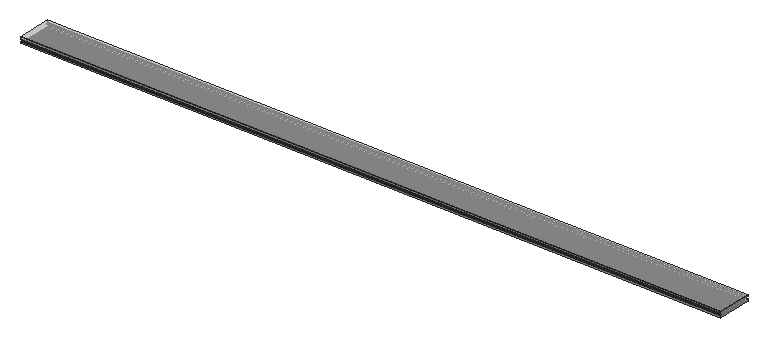
Revit family "SCI_FL_DK25-L6 T3G", category Generic Models, host Floor, Revit 2019
Family settings
  Host = Floor
  Can host rebar = No
  Round Connector Dimension = Use Diameter
  Part Type = Normal
  Always vertical = Yes
  Cut with Voids When Loaded = No
  Shared = No
  Room Calculation Point = No
Parameters
  Weight/Sheet (kg) = 13.46
  W = 140 mm
  Sub-Category = "ไม้พื้น"
  Series = "ไม้พื้นตันลักซูรี่ หน้า 6\"(Decking Luxury 6\")"
  Product code = "DK25-L6 T3 G"
  Product Type = "ไม้ระแนง ภายนอก(Decking Outdoor)"
  Product Description = "https://bit.ly/2OpBM1H"
  No. of pc / sq.m. = 2.55
  Material main = WPC
  Material = MIX GRAY
  Manufacturer = "SCI WOOD"
  L = 2800 mm
  Keynote = ""
  Instruction Video = "https://youtu.be/5dEMXPDnq1Y"
  D = 25 mm
  Category = "พื้น"
  Catalog = "https://bit.ly/3ftvBpc"
  Assembly Code = ""
Reference planes
  plane 1 "Center (Front/Back)": y = 0
  plane 2: z = 0
  plane 3 "Center (Left/Right)": x = 0
  plane 4: x = -1400
  plane 5: x = 1400
  plane 6: z = 25
  plane 7: y = 70
  plane 8: y = -70
  plane 9: y = 63
  plane 10: y = -63
  plane 11: z = 15.766
  plane 12: z = 9.234
  plane 13: z = 12.5
  plane 14: z = 1
Forms (mm)
  Extrusion 1, solid, material "MIX GRAY" <- "Material"
    sketch origin (0, 0, 0) x (0, 1, 0) y (0, 0, 1)
      loop
        line (70, 0) -> (70, 9.234) -> (63, 9.234) -> (63, 15.766) -> (70, 15.766) -> (70, 25) -> (-70, 25) -> (-70, 15.766) -> (-63, 15.766) -> (-63, 9.234) -> (-70, 9.234) -> (-70, 0) -> (-61.066, 0) -> (-61.066, 1) -> (-59.366, 1) -> (-59.366, 0) -> (-55.592, 0) -> (-55.592, 1) -> (-53.892, 1) -> (-53.892, 0) -> (-50.118, 0) -> (-50.118, 1) -> (-48.418, 1) -> (-48.418, 0) -> (-44.643, 0) -> (-44.643, 1) -> (-42.943, 1) -> (-42.943, 0) -> (-39.169, 0) -> (-39.169, 1) -> (-37.469, 1) -> (-37.469, 0) -> (-33.695, 0) -> (-33.695, 1) -> (-31.995, 1) -> (-31.995, 0) -> (-28.221, 0) -> (-28.221, 1) -> (-26.521, 1) -> (-26.521, 0) -> (-22.747, 0) -> (-22.747, 1) -> (-21.047, 1) -> (-21.047, 0) -> (-17.273, 0) -> (-17.273, 1) -> (-15.573, 1) -> (-15.573, 0) -> (-11.798, 0) -> (-11.798, 1) -> (-10.098, 1) -> (-10.098, 0) -> (-6.324, 0) -> (-6.324, 1) -> (-4.624, 1) -> (-4.624, 0) -> (-0.85, 0) -> (-0.85, 1) -> (0.85, 1) -> (0.85, 0) -> (4.624, 0) -> (4.624, 1) -> (6.324, 1) -> (6.324, 0) -> (10.098, 0) -> (10.098, 1) -> (11.798, 1) -> (11.798, 0) -> (15.573, 0) -> (15.573, 1) -> (17.273, 1) -> (17.273, 0) -> (21.047, 0) -> (21.047, 1) -> (22.747, 1) -> (22.747, 0) -> (26.521, 0) -> (26.521, 1) -> (28.221, 1) -> (28.221, 0) -> (31.995, 0) -> (31.995, 1) -> (33.695, 1) -> (33.695, 0) -> (37.469, 0) -> (37.469, 1) -> (39.169, 1) -> (39.169, 0) -> (42.943, 0) -> (42.943, 1) -> (44.643, 1) -> (44.643, 0) -> (48.418, 0) -> (48.418, 1) -> (50.118, 1) -> (50.118, 0) -> (53.892, 0) -> (53.892, 1) -> (55.592, 1) -> (55.592, 0) -> (59.366, 0) -> (59.366, 1) -> (61.066, 1) -> (61.066, 0) -> (70, 0)
    from -1400 to 1400
Dimensions and locks
  equal spacing: plane 5, plane 3 "Center (Left/Right)", plane 4
  "L": plane 5 to plane 4
  "D": plane 6 to plane 2
  equal spacing: plane 7, plane 1 "Center (Front/Back)", plane 8
  "W": plane 7 to plane 8
  locked: plane 7 to plane 9 at 7
  locked: plane 10 to plane 8 at 7
  equal spacing: plane 6, plane 13, plane 2
  plane 6 to plane 11 = 9.234 mm
  equal spacing: plane 11, plane 13, plane 12, locked at 3.266 each
  locked: plane 11 to plane 12 at 6.531
  plane 12 to plane 2 = 9.234 mm
  plane 14 to plane 2 = 1 mm
  aligned and locked: level to plane 2
  aligned and locked: plane 5 to Extrusion 1
  aligned and locked: Extrusion 1 to plane 4
  aligned and locked: plane 7 to Extrusion 1 sketch curve  (x2)
  aligned and locked: Extrusion 1 sketch curve to plane 8  (x2)
  aligned and locked: plane 6 to Extrusion 1 sketch curve
  aligned and locked: Extrusion 1 sketch curve to plane 9
  aligned and locked: Extrusion 1 sketch curve to plane 10
  aligned and locked: Extrusion 1 sketch curve to plane 11
  aligned and locked: Extrusion 1 sketch curve to plane 12
  aligned and locked: plane 11 to Extrusion 1 sketch curve
  aligned and locked: plane 12 to Extrusion 1 sketch curve
Automatic sketch dimensions
  Extrusion 1 sketch curve to plane 14 = 0 mm  (x23)
  Extrusion 1 sketch curve to level = 0 mm  (x24)
  Extrusion 1 sketch curve to plane 7 = 0 mm  (x2)
  Extrusion 1 sketch curve to plane 10 = 1.934 mm
  Extrusion 1 sketch curve to Extrusion 1 sketch curve = 1.7 mm  (x22)
  Extrusion 1 sketch curve to Extrusion 1 sketch curve = 3.774 mm  (x20)
  plane 1 "Center (Front/Back)" to Extrusion 1 sketch curve = 0.85 mm
  Extrusion 1 sketch curve to plane 1 "Center (Front/Back)" = 0.85 mm
  plane 9 to Extrusion 1 sketch curve = 3.634 mm
